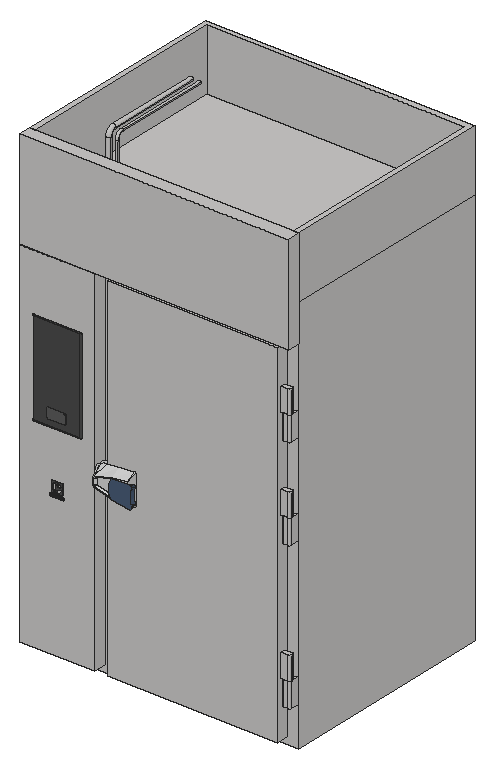
Revit family "QF_ELECTROLUXPROFESSIONAL_727761_EBFA22LRE", category Specialty Equipment, Revit 2018
Family settings
  Round Connector Dimension = Use Radius
  Part Type = Normal
  Work Plane-Based = No
  Always vertical = Yes
  Cut with Voids When Loaded = No
  Shared = Yes
  Room Calculation Point = No
Parameters
  Weight = 0.00 kg
  Watts = 0 W
  Volts = 380 V
  URL Manufacturer = "http://professional.electrolux.com"
  URL = "http://professional.electrolux.com"
  Steam Supply Size = 0"
  Steam Supply Minimum Pressure = 0.00 psi
  Steam Supply Maximum Pressure = 0.00 psi
  Steam Pounds per Hour = 0
  Show Logo [instance] = yes
  Refrigeration Suction Line Size = 0"
  Refrigeration Liquid Line Size = 0"
  Refrigerant Compressor Remote = yes
  Phase = 3
  Model = "EBFA22LRE"
  Manufacturer = "Electrolux"
  Length Actual = 1400 mm  # constant formula
  Item Number = "727761"
  Hot Water Size = 0"
  Height Actual = 2270 mm  # constant formula
  HP = "8.6 HP"
  Gas Size = 0"
  Gas KW = 0
  Gas Input Pressure = 0.0 Btu/h
  Direct Waste Size = 0"
  Description = "SKYLINE CHILLS BLAST CHILLER FREEZER 150/120KG 20 GN 2/1 - REMOTE REFRIGERATING UNIT"
  Depth Actual = 1266 mm  # constant formula
  Cycle = 60 Hz
  Condensate Return Size = 0"
  Compressed Air Volume = 0 GPM
  Compressed Air Size = 0"
  Compressed Air Pressure = 0.00 psi
  Cold Water Size = 0"
  Assembly Code = ""
  Show Clearance [instance] = yes
  Accessory = yes
Reference planes
  plane 1 "BACK": y = 1
  plane 2: z = 0
  plane 3 "LEFT": x = 0
  plane 4 "RIGHT": x = 1400
  plane 5 "FRONT": y = -1205
  plane 6 "TOP": z = 2400
  plane 7 "Center Y": x = 700
  plane 8: y = -2155
  plane 9: y = -602
Forms (mm)
  Extrusion 1, solid, material "QF_Clearance", visible <- "Show Clearance", detail levels coarse
    sketch origin (0, 0, -70) x (1, 0, 0) y (0, 1, 0)
      loop
        line (0, -1205) -> (0, 1) -> (1400, 1) -> (1400, -1205) -> (1500, -1205) -> (1500, 101) -> (-100, 101) -> (-100, -1205) -> (0, -1205)
    from 70 to 2670
  Extrusion 2, solid, material "QF_Finishes_Stainless Steel"
    sketch origin (349.253, 33, 630.991) x (-1, 0, 0) y (0, -1, 0)
      loop
        line (349.253, 1172.759) -> (349.253, 1238) -> (-39.747, 1238) -> (-39.747, 1172.759) -> (349.253, 1172.759)
    from -597 to 1254
  Extrusion 3, solid, material "QF_Finishes_Stainless Steel"
    sketch origin (596.16, 27.971, -70) x (1, 0, 0) y (0, 1, 0)
      loop
        line (743.84, -1172.971) -> (-141.16, -1172.971) -> (-141.16, -1232.971) -> (743.84, -1232.971) -> (743.84, -1172.971)
    from 103.991 to 1945.25
  Extrusion 4, solid, material "QF_Door-Drawer Clearances", visible <- "Show Clearance", detail levels coarse
    sketch origin (875, -72.029, -91.802) x (-1, 0, 0) y (0, -1, 0)
      loop
        line (-465, 2025.971) -> (-465, 1132.971) -> (420, 1132.971)
        arc (420, 1132.971) -> (153.836, 1754.227) -> (-465, 2025.971) r 920
    from 125.793 to 1967.052
  Extrusion 5, solid, material "QF_Finishes_Stainless Steel"
    sketch origin (0, -1139.759, 0) x (0, 1, 0) y (-1, 0, 0)
      loop
        line (1140.759, 0) -> (0.759, 0) -> (0.759, -1400) -> (1140.759, -1400) -> (1140.759, 0)
    from 0 to 2080
  Extrusion 6, solid, material "QF_Finishes_Stainless Steel"
    sketch origin (0, 0, -70) x (0, 1, 0) y (0, 0, 1)
      loop
        line (-1139, 2470) -> (-1205, 2470) -> (-1205, 1956) -> (-1139, 1956) -> (-1139, 2470)
    from 0 to 1400
  Extrusion 7, solid, material "QF_Finishes_Stainless Steel"
    sketch origin (0, -1139.759, 2080) x (0, 1, 0) y (-1, 0, 0)
      loop
        line (1140.759, 0) -> (0.759, 0) -> (0.759, -27.807) -> (1112.952, -27.807) -> (1112.952, -1372.193) -> (0.759, -1372.193) -> (0.759, -1400) -> (1140.759, -1400) -> (1140.759, 0)
    from 0 to 320
  Extrusion 8, solid, material "QF_Clearance", visible <- "Show Clearance", detail levels coarse
    sketch origin (0, 0, 2400) x (-1, 0, 0) y (0, -1, 0)
      loop
        line (0, 1205) -> (-1400, 1205) -> (-1400, -1) -> (0, -1) -> (0, 1205)
    from 0 to 200
  Extrusion 9, solid, material "QF_Finishes_Stainless Steel"
    sketch origin (-390.239, -0.977, 1172.559) x (1, 0, 0) y (0, 1, 0)
      loop
        line (1730.239, -1159.557) -> (1730.239, -1186.759) -> (1771.078, -1186.759)
        arc (1771.078, -1186.759) -> (1778.149, -1183.83) -> (1781.078, -1176.759) r 10
        line (1781.078, -1176.759) -> (1781.078, -1169.557)
        arc (1781.078, -1169.557) -> (1778.149, -1162.486) -> (1771.078, -1159.557) r 10
        line (1771.078, -1159.557) -> (1730.239, -1159.557)
    from 398 to 516
  Extrusion 10, solid, material "QF_Finishes_Stainless Steel"
    sketch origin (-388.989, -0.977, 1172.559) x (1, 0, 0) y (0, 1, 0)
      loop
        line (1779.828, -1138.023) -> (1738.215, -1138.023) -> (1738.215, -1176.759)
        arc (1738.215, -1176.759) -> (1741.143, -1183.83) -> (1748.215, -1186.759) r 10
        line (1748.215, -1186.759) -> (1769.828, -1186.759)
        arc (1769.828, -1186.759) -> (1776.899, -1183.83) -> (1779.828, -1176.759) r 10
        line (1779.828, -1176.759) -> (1779.828, -1138.023)
    from 269 to 396
  Extrusion 11, solid, material "QF_Finishes_Handrails and Railings"
    sketch origin (0, -1205, -139.705) x (-1, 0, 0) y (0, 0, 1)
      loop
        arc (-455, 1022.346) -> (-433.392, 1027.289) -> (-413, 1035.976) r 124.815
        arc (-413, 1035.976) -> (-402.037, 1046.425) -> (-398, 1061.023) r 28.412
        line (-398, 1061.023) -> (-398, 1124.287)
        arc (-398, 1124.287) -> (-402.037, 1138.885) -> (-413, 1149.334) r 28.412
        arc (-413, 1149.334) -> (-433.392, 1158.021) -> (-455, 1162.964) r 124.815
        line (-455, 1162.964) -> (-455, 1022.346)
    from 0 to 25
  Extrusion 12, solid, material "QF_Finishes_Stainless Steel"
    sketch origin (0, 1, -70) x (1, 0, 0) y (0, 0, 1)
      loop
        circle (50.191, 2279.706) r 10
    from -2 to 0
  Extrusion 13, solid
    sketch origin (0, 0, -70) x (1, 0, 0) y (0, 1, 0)
      loop
        circle (271, -895) r 12.7
    from 180 to 190
  Sweep 14, solid, material "QF_Finishes_Stainless Steel"
    path in 3D
      loop
        line (196, -872.727, 2090) -> (196, -872.727, 2314.785)
        arc (196, -872.727, 2314.785) -> (196, -863.94, 2335.999) -> (196, -842.727, 2344.785) r 30
        line (196, -842.727, 2344.785) -> (196, -337, 2344.785)
    profile origin (196, -589.864, 2344.785) x (-1, 0, 0) y (0, 0, 1)
      loop
        circle (0, -0.785) r 11
  Sweep 15, solid, material "QF_Finishes_Stainless Steel"
    path in 3D
      loop
        line (239, -337, 2344) -> (239, -842.727, 2344)
        arc (239, -842.727, 2344) -> (239, -863.94, 2335.213) -> (239, -872.727, 2314) r 30
        line (239, -872.727, 2314) -> (239, -872.727, 2090)
    profile origin (239, -589.864, 2344) x (1, 0, 0) y (0, 0, 1)
      loop
        circle (0, 0) r 6
  Extrusion 16, solid, material "QF_Finishes_Stainless Steel"
    sketch origin (0, -1139.759, 2080) x (0, 1, 0) y (-1, 0, 0)
      loop
        line (272.791, -163.68) -> (262.791, -163.68)
        arc (262.791, -163.68) -> (252.185, -168.074) -> (247.791, -178.68) r 15
        line (247.791, -178.68) -> (247.791, -270.358)
        arc (247.791, -270.358) -> (252.185, -280.965) -> (262.791, -285.358) r 15
        line (262.791, -285.358) -> (272.791, -285.358)
        arc (272.791, -285.358) -> (283.398, -280.965) -> (287.791, -270.358) r 15
        line (287.791, -270.358) -> (287.791, -178.68)
        arc (287.791, -178.68) -> (283.398, -168.074) -> (272.791, -163.68) r 15
    from 0 to 10
  Blend 17, solid, material "QF_Finishes_Handrails and Railings"
    base sketch origin (0, -1205, -139.705) x (1, 0, 0) y (0, 0, 1)
      loop
        arc (455, 1162.964) -> (433.392, 1158.021) -> (413, 1149.334) r 124.815
        arc (413, 1149.334) -> (402.037, 1138.885) -> (398, 1124.287) r 28.412
        line (398, 1124.287) -> (398, 1061.023)
        arc (398, 1061.023) -> (402.037, 1046.425) -> (413, 1035.976) r 28.412
        arc (413, 1035.976) -> (433.392, 1027.289) -> (455, 1022.346) r 124.815
        arc (455, 1022.346) -> (524.77, 1014.896) -> (594.859, 1011.587) r 1185.63
        arc (594.859, 1011.587) -> (600.607, 1013.879) -> (603, 1019.586) r 8
        line (603, 1019.586) -> (603, 1165.724)
        arc (603, 1165.724) -> (600.607, 1171.431) -> (594.859, 1173.723) r 8
        arc (594.859, 1173.723) -> (524.77, 1170.414) -> (455, 1162.964) r 1185.63
    top sketch origin (0, -1205, -139.705) x (1, 0, 0) y (0, 0, 1)
      loop
        line (421, 1108.337) -> (421, 1076.973)
        arc (421, 1076.973) -> (423.295, 1069.915) -> (429.302, 1065.557) r 12
        arc (429.302, 1065.557) -> (515.086, 1044.22) -> (603, 1034.974) r 636.459
        line (603, 1034.974) -> (603, 1150.336)
        arc (603, 1150.336) -> (515.086, 1141.09) -> (429.302, 1119.753) r 636.459
        arc (429.302, 1119.753) -> (423.295, 1115.395) -> (421, 1108.337) r 12
    from 0 to 50
  Blend 18, void
    base sketch origin (0, -1255, -139.705) x (-1, 0, 0) y (0, 0, 1)
      loop
        arc (-430.843, 1114.996) -> (-515.866, 1136.151) -> (-603, 1145.333) r 631.459
        line (-603, 1145.333) -> (-603, 1039.977)
        arc (-603, 1039.977) -> (-515.866, 1049.159) -> (-430.843, 1070.314) r 631.459
        arc (-430.843, 1070.314) -> (-427.339, 1072.856) -> (-426, 1076.973) r 7
        line (-426, 1076.973) -> (-426, 1108.337)
        arc (-426, 1108.337) -> (-427.339, 1112.454) -> (-430.843, 1114.996) r 7
    top sketch origin (0, -1255, -139.705) x (-1, 0, 0) y (0, 0, 1)
      loop
        arc (-432.384, 1110.24) -> (-516.647, 1131.211) -> (-603, 1140.33) r 626.459
        line (-603, 1140.33) -> (-603, 1044.98)
        arc (-603, 1044.98) -> (-516.647, 1054.099) -> (-432.384, 1075.07) r 626.459
        arc (-432.384, 1075.07) -> (-431.382, 1075.797) -> (-431, 1076.973) r 2
        line (-431, 1076.973) -> (-431, 1108.337)
        arc (-431, 1108.337) -> (-431.382, 1109.513) -> (-432.384, 1110.24) r 2
    from 0 to 10
  Blend 19, solid, material "QF_Finishes_Electrolux_Blue"
    base sketch origin (0, -1245, -139.705) x (1, 0, 0) y (0, 0, 1)
      loop
        arc (628.567, 1043.419) -> (622.014, 1092.655) -> (628.567, 1141.89) r 188.232
        arc (628.567, 1141.89) -> (627.358, 1147.991) -> (621.77, 1150.721) r 7
        arc (621.77, 1150.721) -> (572.304, 1148.509) -> (523.16, 1142.458) r 636.459
        arc (523.16, 1142.458) -> (507.711, 1092.655) -> (523.16, 1042.852) r 88
        arc (523.16, 1042.852) -> (572.304, 1036.801) -> (621.77, 1034.589) r 636.459
        arc (621.77, 1034.589) -> (627.358, 1037.319) -> (628.567, 1043.419) r 7
    top sketch origin (0, -1245, -139.705) x (1, 0, 0) y (0, 0, 1)
      loop
        arc (626.748, 1050.703) -> (622.014, 1092.655) -> (626.748, 1134.607) r 188.232
        arc (626.748, 1134.607) -> (625.775, 1138.85) -> (621.845, 1140.722) r 5
        arc (621.845, 1140.722) -> (569.023, 1138.185) -> (516.603, 1131.203) r 626.459
        arc (516.603, 1131.203) -> (507.711, 1092.655) -> (516.603, 1054.107) r 88
        arc (516.603, 1054.107) -> (569.023, 1047.124) -> (621.845, 1044.588) r 626.459
        arc (621.845, 1044.588) -> (625.775, 1046.46) -> (626.748, 1050.703) r 5
    from 20 to 0
  Extrusion 20, solid, material "QF_Finishes_Stainless Steel"
    sketch origin (-390.239, -0.977, 692.559) x (1, 0, 0) y (0, 1, 0)
      loop
        line (1730.239, -1159.557) -> (1730.239, -1186.759) -> (1771.078, -1186.759)
        arc (1771.078, -1186.759) -> (1778.149, -1183.83) -> (1781.078, -1176.759) r 10
        line (1781.078, -1176.759) -> (1781.078, -1169.557)
        arc (1781.078, -1169.557) -> (1778.149, -1162.486) -> (1771.078, -1159.557) r 10
        line (1771.078, -1159.557) -> (1730.239, -1159.557)
    from 398 to 516
  Extrusion 21, solid, material "QF_Finishes_Stainless Steel"
    sketch origin (-388.989, -0.977, 692.559) x (1, 0, 0) y (0, 1, 0)
      loop
        line (1779.828, -1138.023) -> (1738.215, -1138.023) -> (1738.215, -1176.759)
        arc (1738.215, -1176.759) -> (1741.143, -1183.83) -> (1748.215, -1186.759) r 10
        line (1748.215, -1186.759) -> (1769.828, -1186.759)
        arc (1769.828, -1186.759) -> (1776.899, -1183.83) -> (1779.828, -1176.759) r 10
        line (1779.828, -1176.759) -> (1779.828, -1138.023)
    from 269 to 396
  Extrusion 22, solid, material "QF_Finishes_Stainless Steel"
    sketch origin (-390.239, -0.977, -67.441) x (1, 0, 0) y (0, 1, 0)
      loop
        line (1730.239, -1159.557) -> (1730.239, -1186.759) -> (1771.078, -1186.759)
        arc (1771.078, -1186.759) -> (1778.149, -1183.83) -> (1781.078, -1176.759) r 10
        line (1781.078, -1176.759) -> (1781.078, -1169.557)
        arc (1781.078, -1169.557) -> (1778.149, -1162.486) -> (1771.078, -1159.557) r 10
        line (1771.078, -1159.557) -> (1730.239, -1159.557)
    from 398 to 516
  Extrusion 23, solid, material "QF_Finishes_Stainless Steel"
    sketch origin (-388.989, -0.977, -67.441) x (1, 0, 0) y (0, 1, 0)
      loop
        line (1779.828, -1138.023) -> (1738.215, -1138.023) -> (1738.215, -1176.759)
        arc (1738.215, -1176.759) -> (1741.143, -1183.83) -> (1748.215, -1186.759) r 10
        line (1748.215, -1186.759) -> (1769.828, -1186.759)
        arc (1769.828, -1186.759) -> (1776.899, -1183.83) -> (1779.828, -1176.759) r 10
        line (1779.828, -1176.759) -> (1779.828, -1138.023)
    from 269 to 396
  Extrusion 24, solid, material "QF_Door-Drawer Clearances", visible <- "Show Clearance", detail levels coarse
    sketch origin (167.029, -1956.84, -70) x (0, 1, 0) y (-1, 0, 0)
      loop
        line (751.84, -1172.971) -> (-141.16, -1172.971) -> (-141.16, -1232.971) -> (751.84, -1232.971) -> (751.84, -1172.971)
    from 103.991 to 1945.25
  Extrusion 25, solid, material "QF_Door-Drawer Clearances", visible <- "Show Clearance", detail levels coarse
    sketch origin (1400, -2553, -139.705) x (0, -1, 0) y (0, 0, 1)
      loop
        arc (-455, 1022.346) -> (-433.392, 1027.289) -> (-413, 1035.976) r 124.815
        arc (-413, 1035.976) -> (-402.037, 1046.425) -> (-398, 1061.023) r 28.412
        line (-398, 1061.023) -> (-398, 1124.287)
        arc (-398, 1124.287) -> (-402.037, 1138.885) -> (-413, 1149.334) r 28.412
        arc (-413, 1149.334) -> (-433.392, 1158.021) -> (-455, 1162.964) r 124.815
        line (-455, 1162.964) -> (-455, 1022.346)
    from 0 to 25
  Blend 26, solid, material "QF_Door-Drawer Clearances", visible <- "Show Clearance", detail levels coarse
    base sketch origin (1400, -2553, -139.705) x (0, 1, 0) y (0, 0, 1)
      loop
        arc (455, 1162.964) -> (433.392, 1158.021) -> (413, 1149.334) r 124.815
        arc (413, 1149.334) -> (402.037, 1138.885) -> (398, 1124.287) r 28.412
        line (398, 1124.287) -> (398, 1061.023)
        arc (398, 1061.023) -> (402.037, 1046.425) -> (413, 1035.976) r 28.412
        arc (413, 1035.976) -> (433.392, 1027.289) -> (455, 1022.346) r 124.815
        arc (455, 1022.346) -> (524.77, 1014.896) -> (594.859, 1011.587) r 1185.63
        arc (594.859, 1011.587) -> (600.607, 1013.879) -> (603, 1019.586) r 8
        line (603, 1019.586) -> (603, 1165.724)
        arc (603, 1165.724) -> (600.607, 1171.431) -> (594.859, 1173.723) r 8
        arc (594.859, 1173.723) -> (524.77, 1170.414) -> (455, 1162.964) r 1185.63
    top sketch origin (1400, -2553, -139.705) x (0, 1, 0) y (0, 0, 1)
      loop
        line (421, 1108.337) -> (421, 1076.973)
        arc (421, 1076.973) -> (423.295, 1069.915) -> (429.302, 1065.557) r 12
        arc (429.302, 1065.557) -> (515.086, 1044.22) -> (603, 1034.974) r 636.459
        line (603, 1034.974) -> (603, 1150.336)
        arc (603, 1150.336) -> (515.086, 1141.09) -> (429.302, 1119.753) r 636.459
        arc (429.302, 1119.753) -> (423.295, 1115.395) -> (421, 1108.337) r 12
    from 0 to 50
  Blend 27, void
    base sketch origin (1450, -2553, -139.705) x (0, -1, 0) y (0, 0, 1)
      loop
        arc (-430.843, 1114.996) -> (-515.866, 1136.151) -> (-603, 1145.333) r 631.459
        line (-603, 1145.333) -> (-603, 1039.977)
        arc (-603, 1039.977) -> (-515.866, 1049.159) -> (-430.843, 1070.314) r 631.459
        arc (-430.843, 1070.314) -> (-427.339, 1072.856) -> (-426, 1076.973) r 7
        line (-426, 1076.973) -> (-426, 1108.337)
        arc (-426, 1108.337) -> (-427.339, 1112.454) -> (-430.843, 1114.996) r 7
    top sketch origin (1450, -2553, -139.705) x (0, -1, 0) y (0, 0, 1)
      loop
        arc (-432.384, 1110.24) -> (-516.647, 1131.211) -> (-603, 1140.33) r 626.459
        line (-603, 1140.33) -> (-603, 1044.98)
        arc (-603, 1044.98) -> (-516.647, 1054.099) -> (-432.384, 1075.07) r 626.459
        arc (-432.384, 1075.07) -> (-431.382, 1075.797) -> (-431, 1076.973) r 2
        line (-431, 1076.973) -> (-431, 1108.337)
        arc (-431, 1108.337) -> (-431.382, 1109.513) -> (-432.384, 1110.24) r 2
    from 0 to 10
  Blend 28, solid, material "QF_Door-Drawer Clearances", visible <- "Show Clearance", detail levels coarse
    base sketch origin (1440, -2553, -139.705) x (0, 1, 0) y (0, 0, 1)
      loop
        arc (628.567, 1043.419) -> (622.014, 1092.655) -> (628.567, 1141.89) r 188.232
        arc (628.567, 1141.89) -> (627.358, 1147.991) -> (621.77, 1150.721) r 7
        arc (621.77, 1150.721) -> (572.304, 1148.509) -> (523.16, 1142.458) r 636.459
        arc (523.16, 1142.458) -> (507.711, 1092.655) -> (523.16, 1042.852) r 88
        arc (523.16, 1042.852) -> (572.304, 1036.801) -> (621.77, 1034.589) r 636.459
        arc (621.77, 1034.589) -> (627.358, 1037.319) -> (628.567, 1043.419) r 7
    top sketch origin (1440, -2553, -139.705) x (0, 1, 0) y (0, 0, 1)
      loop
        arc (626.748, 1050.703) -> (622.014, 1092.655) -> (626.748, 1134.607) r 188.232
        arc (626.748, 1134.607) -> (625.775, 1138.85) -> (621.845, 1140.722) r 5
        arc (621.845, 1140.722) -> (569.023, 1138.185) -> (516.603, 1131.203) r 626.459
        arc (516.603, 1131.203) -> (507.711, 1092.655) -> (516.603, 1054.107) r 88
        arc (516.603, 1054.107) -> (569.023, 1047.124) -> (621.845, 1044.588) r 626.459
        arc (621.845, 1044.588) -> (625.775, 1046.46) -> (626.748, 1050.703) r 5
    from 20 to -1
Cuts and joins
  Blend 18 cuts Blend 17
  joined: Extrusion 11, Blend 17
  Blend 18 cuts Extrusion 4
  Blend 27 cuts Blend 26
  Blend 27 cuts Blend 28
  joined: Extrusion 4, Extrusion 24, Extrusion 25, Blend 26, Blend 28
  joined: Extrusion 7, Extrusion 12
  joined: Extrusion 5, Extrusion 10, Sweep 14, Sweep 15, Extrusion 16, Extrusion 21, Extrusion 23
  joined: Extrusion 3, Extrusion 9, Extrusion 20, Extrusion 22
  joined: Extrusion 1, Extrusion 8
Lines and regions (mm)
  symbolic lines, style "QF-Clearances", visible <- "Show Clearance", detail levels coarse
    curve 1: line (-100, -1204.241, 70) -> (-100, 101, 70)
    curve 2: line (-100, 101, 70) -> (1500, 101, 70)
    curve 3: line (1500, 101, 70) -> (1500, -1204.241, 70)
  symbolic lines
    curve 4: line (185, -336.968, 70) -> (207, -336.968, 70)
    curve 5: line (207, -336.968, 70) -> (207, -871.942, 70)
    curve 6: line (233, -872.727, 70) -> (233, -337, 70)
    curve 7: line (233, -337, 70) -> (245, -337, 70)
    curve 8: line (245, -337, 70) -> (245, -872.727, 70)
    curve 9: line (245, -851.968, 70) -> (270.358, -851.968, 70)
    curve 10: arc (285.358, -866.968, 70) -> (280.965, -856.361, 70) -> (270.358, -851.968, 70) r 15
    curve 11: line (285.358, -876.968, 70) -> (285.358, -866.968, 70)
    curve 12: arc (270.358, -891.968, 70) -> (280.965, -887.575, 70) -> (285.358, -876.968, 70) r 15
    curve 13: line (178.68, -891.968, 70) -> (270.358, -891.968, 70)
    curve 14: arc (163.68, -876.968, 70) -> (168.074, -887.575, 70) -> (178.68, -891.968, 70) r 15
    curve 15: line (163.68, -866.968, 70) -> (163.68, -876.968, 70)
    curve 16: arc (178.68, -851.968, 70) -> (168.074, -856.361, 70) -> (163.68, -866.968, 70) r 15
    curve 17: arc (207, -871.942, 70) -> (196, -882.942, 70) -> (185, -871.942, 70) r 11
    curve 18: arc (233, -872.727, 70) -> (239, -878.727, 70) -> (245, -872.727, 70) r 6
    curve 19: line (178.68, -851.968, 70) -> (185, -851.968, 70)
    curve 20: line (185, -336.968, 70) -> (185, -871.942, 70)
    curve 21: line (207, -851.968, 70) -> (233, -851.968, 70)
    curve 22: line (0, 1, 70) -> (1400, 1, 70)
    curve 23: line (0, -1205, 70) -> (0, 1, 70)
    curve 24: line (1400, -1205, 70) -> (0, -1205, 70)
    curve 25: line (1400, 1, 70) -> (1400, -1205, 70)
    curve 26: line (27.807, -26.807, 70) -> (1372.193, -26.807, 70)
    curve 27: line (27.807, -1139, 70) -> (27.807, -26.807, 70)
    curve 28: line (1400, -1139, 70) -> (0, -1139, 70)
    curve 29: line (1372.193, -26.807, 70) -> (1372.193, -1139, 70)
    curve 30: line (75.5, -1210, 70) -> (313.5, -1210, 70)
    curve 31: line (75.5, -1210, 70) -> (67.5, -1205, 70)
    curve 32: line (313.5, -1210, 70) -> (321.5, -1205, 70)
    curve 33: line (421, -1255, 70) -> (398, -1205, 70)
    curve 34: line (421, -1255, 70) -> (603, -1255, 70)
    curve 35: line (603, -1255, 70) -> (603, -1205, 70)
    curve 36: line (603, -1245, 70) -> (626.748, -1245, 70)
    curve 37: line (626.748, -1245, 70) -> (628.811, -1265, 70)
    curve 38: line (628.811, -1265, 70) -> (507.711, -1265, 70)
    curve 39: line (507.711, -1265, 70) -> (507.711, -1255, 70)
  symbolic lines, style "QF_Door-Drawer Clearances", visible <- "Show Clearance"
    curve 40: line (1450, -2132, 70) -> (1400, -2155, 70)
    curve 41: line (1450, -2132, 70) -> (1450, -1950, 70)
    curve 42: line (1450, -1950, 70) -> (1400, -1950, 70)
    curve 43: line (1439, -1950, 70) -> (1439, -1926.126, 70)
    curve 44: line (1439, -1926.126, 70) -> (1460, -1924.189, 70)
    curve 45: line (1460, -1924.189, 70) -> (1460, -2045.289, 70)
    curve 46: line (1460, -2045.289, 70) -> (1450, -2045.289, 70)
    curve 47: line (1375, -2098, 70) -> (1375, -2155, 70)
    curve 48: line (1340, -2098, 70) -> (1400, -2098, 70)
    curve 49: arc (457.796, -1255, 70) -> (739.031, -1843.801, 70) -> (1340, -2098, 70) r 920
    curve 50: line (1400, -2155, 70) -> (1375, -2155, 70)
    curve 51: line (1400, -2098, 70) -> (1400, -1205, 70)
    curve 58: line (1340, -2098, 70) -> (1340, -1205, 70)
  sketch lines
    curve 52: line (196, -842.727, 2344.785) -> (196, -337, 2344.785)
    curve 53: arc (196, -872.727, 2314.785) -> (196, -863.94, 2335.999) -> (196, -842.727, 2344.785) r 30
    curve 54: line (196, -872.727, 2090) -> (196, -872.727, 2314.785)
    curve 55: line (239, -337, 2344) -> (239, -842.727, 2344)
    curve 56: arc (239, -842.727, 2344) -> (239, -863.94, 2335.213) -> (239, -872.727, 2314) r 30
    curve 57: line (239, -872.727, 2314) -> (239, -872.727, 2090)
Dimensions and locks
  plane 5 "FRONT" to plane 1 "BACK" = 1206 mm
  plane 6 "TOP" to level = 2400 mm
  plane 4 "RIGHT" to plane 3 "LEFT" = 1400 mm
  plane 3 "LEFT" to plane 4 "RIGHT" = 1400 mm
  equal spacing: plane 3 "LEFT", plane 7 "Center Y", plane 4 "RIGHT"
  plane 1 "BACK" to plane 5 "FRONT" = 1206 mm
  aligned and locked: level to plane 2
Automatic sketch dimensions
  plane 5 "FRONT" to Extrusion 1 sketch curve = 0 mm  (x2)
  Extrusion 1 sketch curve to plane 3 "LEFT" = 0 mm
  plane 1 "BACK" to Extrusion 1 sketch curve = 0 mm
  Extrusion 1 sketch curve to plane 4 "RIGHT" = 0 mm
  Extrusion 1 sketch curve to plane 3 "LEFT" = 100 mm
  plane 4 "RIGHT" to Extrusion 1 sketch curve = 100 mm
  Extrusion 1 sketch curve to plane 1 "BACK" = 100 mm
  plane 5 "FRONT" to Extrusion 2 sketch curve = 0 mm
  Extrusion 2 sketch curve to plane 3 "LEFT" = 0 mm
  Extrusion 2 sketch curve to plane 5 "FRONT" = 65.241 mm
  plane 5 "FRONT" to Extrusion 3 sketch curve = 0 mm
  Extrusion 3 sketch curve to plane 5 "FRONT" = 60 mm
  Extrusion 3 sketch curve to plane 4 "RIGHT" = 60 mm
  plane 5 "FRONT" to Extrusion 4 sketch curve = 0 mm
  Extrusion 4 sketch curve to plane 4 "RIGHT" = 25.377 mm
  Extrusion 4 sketch curve to Extrusion 4 sketch curve = 34.623 mm
  Extrusion 4 sketch curve to plane 5 "FRONT" = 26.348 mm
  Extrusion 5 sketch curve to plane 3 "LEFT" = 0 mm
  Extrusion 5 sketch curve to plane 4 "RIGHT" = 0 mm
  plane 1 "BACK" to Extrusion 5 sketch curve = 0 mm
  Extrusion 5 sketch curve to plane 5 "FRONT" = 66 mm
  Extrusion 6 sketch curve to plane 5 "FRONT" = 0 mm
  Extrusion 6 sketch curve to plane 5 "FRONT" = 66 mm
  Extrusion 6 sketch curve to plane 6 "TOP" = 514 mm
  plane 6 "TOP" to Extrusion 6 sketch curve = 0 mm
  Extrusion 5 to Extrusion 7 sketch curve = 0 mm
  Extrusion 7 sketch curve to Extrusion 5 = 0 mm  (x4)
  Extrusion 7 sketch curve to Extrusion 5 = 27.807 mm  (x3)
  Extrusion 8 sketch curve to plane 4 "RIGHT" = 0 mm
  plane 1 "BACK" to Extrusion 8 sketch curve = 0 mm
  Extrusion 8 sketch curve to plane 3 "LEFT" = 0 mm
  plane 5 "FRONT" to Extrusion 8 sketch curve = 0 mm
  Extrusion 9 sketch curve to plane 5 "FRONT" = 17.264 mm
  Extrusion 9 sketch curve to plane 4 "RIGHT" = 60 mm
  Extrusion 9 sketch curve to plane 4 "RIGHT" = 19.161 mm
  Extrusion 9 sketch curve to Extrusion 9 sketch curve = 0 mm
  Extrusion 9 sketch curve to plane 4 "RIGHT" = 9.161 mm
  Extrusion 9 sketch curve to Extrusion 9 sketch curve = 7.202 mm
  Extrusion 10 sketch curve to plane 5 "FRONT" = 27.264 mm
  Extrusion 10 sketch curve to plane 4 "RIGHT" = 50.775 mm
  Extrusion 10 sketch curve to Extrusion 10 sketch curve = 10 mm
  Extrusion 10 sketch curve to plane 4 "RIGHT" = 19.161 mm
  Extrusion 10 sketch curve to plane 4 "RIGHT" = 9.161 mm
  Extrusion 10 sketch curve to Extrusion 10 sketch curve = 38.736 mm
  plane 7 "Center Y" to Extrusion 11 sketch curve = 228.081 mm
  Extrusion 11 sketch curve to Extrusion 11 sketch curve = 0 mm
  Extrusion 11 sketch curve to Extrusion 11 sketch curve = 16.919 mm
  Extrusion 11 sketch curve to Extrusion 11 sketch curve = 28.588 mm  (x2)
  Extrusion 11 sketch curve to Extrusion 11 sketch curve = 28.412 mm
  level to Extrusion 11 sketch curve = 882.641 mm
  Extrusion 11 sketch curve to Extrusion 11 sketch curve = 16.954 mm  (x2)
  Extrusion 11 sketch curve to Extrusion 11 sketch curve = 38.676 mm
  Extrusion 11 sketch curve to Extrusion 11 sketch curve = 63.265 mm
  Extrusion 11 sketch curve to Extrusion 11 sketch curve = 21.722 mm
  plane 3 "LEFT" to Extrusion 12 sketch curve = 50.191 mm
  Extrusion 12 sketch curve to plane 6 "TOP" = 190.294 mm
  Extrusion 13 sketch curve to plane 9 = 293 mm
  Sweep 14 sketch curve to profile plane = 0 mm
  Sweep 14 sketch curve to profile plane = 0.785 mm
  profile plane to Sweep 15 sketch curve = 0 mm
  Sweep 15 sketch curve to profile plane = 0 mm
  Extrusion 16 sketch curve to Extrusion 5 = 247.032 mm
  Extrusion 16 sketch curve to Extrusion 16 sketch curve = 15 mm  (x3)
  Extrusion 16 sketch curve to Extrusion 16 sketch curve = 10 mm  (x2)
  Extrusion 16 sketch curve to Extrusion 5 = 285.358 mm
  Extrusion 16 sketch curve to Extrusion 16 sketch curve = 91.678 mm
  Blend 17 sketch curve to Extrusion 11 = 0 mm  (x4)
  Blend 17 sketch curve to Extrusion 11 = 28.412 mm
  Blend 17 sketch curve to Blend 17 sketch curve = 123.081 mm  (x2)
  Blend 17 sketch curve to Blend 17 sketch curve = 8 mm
  Extrusion 11 to Blend 17 sketch curve = 160.712 mm  (x2)
  Blend 17 sketch curve to Blend 17 sketch curve = 19.715 mm  (x2)
  Blend 17 sketch curve to Blend 17 sketch curve = 38.676 mm
  Blend 17 sketch curve to Extrusion 11 = 23 mm
  Blend 17 sketch curve to Blend 17 sketch curve = 12 mm  (x2)
  Extrusion 11 to Blend 17 sketch curve = 148 mm
  Extrusion 11 to Blend 17 sketch curve = 170.45 mm  (x2)
  Blend 17 sketch curve to Blend 17 sketch curve = 520.701 mm  (x2)
  Blend 17 sketch curve to Blend 17 sketch curve = 41.999 mm
  Blend 17 sketch curve to Blend 17 sketch curve = 31.364 mm
  Blend 17 sketch curve to Blend 17 sketch curve = 115.362 mm
  Blend 17 to Blend 18 sketch curve = 0 mm  (x2)
  Blend 18 sketch curve to Blend 18 sketch curve = 7 mm
  Blend 18 sketch curve to Blend 18 sketch curve = 31.364 mm  (x2)
  Blend 18 sketch curve to Blend 18 sketch curve = 2 mm
  Blend 18 to Blend 19 sketch curve = 18.811 mm  (x2)
  Blend 19 sketch curve to Blend 18 = 7.289 mm  (x2)
  Blend 19 sketch curve to Blend 19 sketch curve = 188.435 mm
  Blend 19 sketch curve to Blend 19 sketch curve = 7 mm  (x2)
  Blend 19 sketch curve to Blend 19 sketch curve = 51.066 mm  (x2)
  Blend 19 sketch curve to Blend 19 sketch curve = 0 mm  (x6)
  Blend 19 sketch curve to Blend 18 = 79.84 mm
  Blend 18 to Blend 19 sketch curve = 18.874 mm  (x2)
  Blend 19 sketch curve to Blend 19 sketch curve = 188.371 mm
  Blend 19 sketch curve to Blend 19 sketch curve = 5 mm  (x2)
  Blend 19 sketch curve to Blend 19 sketch curve = 43.067 mm  (x2)
  Blend 19 sketch curve to Blend 18 = 85.603 mm
  Extrusion 20 sketch curve to plane 5 "FRONT" = 17.264 mm
  Extrusion 20 sketch curve to plane 4 "RIGHT" = 60 mm
  Extrusion 20 sketch curve to plane 4 "RIGHT" = 19.161 mm
  Extrusion 20 sketch curve to Extrusion 20 sketch curve = 0 mm
  Extrusion 20 sketch curve to plane 4 "RIGHT" = 9.161 mm
  Extrusion 20 sketch curve to Extrusion 20 sketch curve = 7.202 mm
  Extrusion 21 sketch curve to plane 5 "FRONT" = 27.264 mm
  Extrusion 21 sketch curve to plane 4 "RIGHT" = 50.775 mm
  Extrusion 21 sketch curve to Extrusion 21 sketch curve = 10 mm
  Extrusion 21 sketch curve to plane 4 "RIGHT" = 19.161 mm
  Extrusion 21 sketch curve to plane 4 "RIGHT" = 9.161 mm
  Extrusion 21 sketch curve to Extrusion 21 sketch curve = 38.736 mm
  Extrusion 22 sketch curve to plane 5 "FRONT" = 17.264 mm
  Extrusion 22 sketch curve to plane 4 "RIGHT" = 60 mm
  Extrusion 22 sketch curve to plane 4 "RIGHT" = 19.161 mm
  Extrusion 22 sketch curve to Extrusion 22 sketch curve = 0 mm
  Extrusion 22 sketch curve to plane 4 "RIGHT" = 9.161 mm
  Extrusion 22 sketch curve to Extrusion 22 sketch curve = 7.202 mm
  Extrusion 23 sketch curve to plane 5 "FRONT" = 27.264 mm
  Extrusion 23 sketch curve to plane 4 "RIGHT" = 50.775 mm
  Extrusion 23 sketch curve to Extrusion 23 sketch curve = 10 mm
  Extrusion 23 sketch curve to plane 4 "RIGHT" = 19.161 mm
  Extrusion 23 sketch curve to plane 4 "RIGHT" = 9.161 mm
  Extrusion 23 sketch curve to Extrusion 23 sketch curve = 38.736 mm
  Extrusion 24 sketch curve to plane 4 "RIGHT" = 0 mm
  plane 5 "FRONT" to Extrusion 24 sketch curve = 0 mm
  Extrusion 24 sketch curve to plane 8 = 57 mm
  Extrusion 24 sketch curve to plane 4 "RIGHT" = 60 mm
  Extrusion 25 sketch curve to plane 8 = 0 mm
  Extrusion 25 sketch curve to Extrusion 25 sketch curve = 28.412 mm  (x2)
  Extrusion 25 sketch curve to Extrusion 25 sketch curve = 28.588 mm
  Extrusion 25 sketch curve to Extrusion 25 sketch curve = 16.919 mm  (x2)
  level to Extrusion 25 sketch curve = 882.641 mm
  Extrusion 25 sketch curve to Extrusion 25 sketch curve = 16.954 mm  (x2)
  Extrusion 25 sketch curve to Extrusion 25 sketch curve = 38.676 mm
  Extrusion 25 sketch curve to Extrusion 25 sketch curve = 63.265 mm
  Extrusion 25 sketch curve to Extrusion 25 sketch curve = 21.722 mm
  Blend 26 sketch curve to Extrusion 25 = 0 mm  (x4)
  Blend 26 sketch curve to Extrusion 25 = 28.412 mm
  Blend 26 sketch curve to Blend 26 sketch curve = 123.081 mm  (x2)
  Blend 26 sketch curve to Blend 26 sketch curve = 8 mm
  Extrusion 25 to Blend 26 sketch curve = 160.712 mm  (x2)
  Blend 26 sketch curve to Blend 26 sketch curve = 19.715 mm  (x2)
  Blend 26 sketch curve to Blend 26 sketch curve = 38.676 mm
  Blend 26 sketch curve to Extrusion 25 = 23 mm
  Blend 26 sketch curve to Blend 26 sketch curve = 12 mm  (x2)
  Extrusion 25 to Blend 26 sketch curve = 148 mm
  Extrusion 25 to Blend 26 sketch curve = 170.45 mm  (x2)
  Blend 26 sketch curve to Blend 26 sketch curve = 520.701 mm  (x2)
  Blend 26 sketch curve to Blend 26 sketch curve = 41.999 mm
  Blend 26 sketch curve to Blend 26 sketch curve = 31.364 mm
  Blend 26 sketch curve to Blend 26 sketch curve = 115.362 mm
  Blend 27 sketch curve to Blend 26 = 0 mm  (x2)
  Blend 27 sketch curve to Blend 27 sketch curve = 7 mm
  Blend 27 sketch curve to Blend 27 sketch curve = 31.364 mm  (x2)
  Blend 27 sketch curve to Blend 27 sketch curve = 2 mm
  Blend 27 to Blend 28 sketch curve = 18.811 mm  (x2)
  Blend 28 sketch curve to Blend 27 = 7.289 mm  (x2)
  Blend 28 sketch curve to Blend 28 sketch curve = 188.435 mm
  Blend 28 sketch curve to Blend 28 sketch curve = 7 mm  (x2)
  Blend 28 sketch curve to Blend 28 sketch curve = 51.066 mm  (x2)
  Blend 28 sketch curve to Blend 28 sketch curve = 0 mm  (x6)
  Blend 28 sketch curve to Blend 27 = 79.84 mm
  Blend 27 to Blend 28 sketch curve = 18.874 mm  (x2)
  Blend 28 sketch curve to Blend 28 sketch curve = 188.371 mm
  Blend 28 sketch curve to Blend 28 sketch curve = 5 mm  (x2)
  Blend 28 sketch curve to Blend 28 sketch curve = 43.067 mm  (x2)
  Blend 28 sketch curve to Blend 27 = 85.603 mm
  plane 7 "Center Y" to Extrusion 2 sketch curve = 311 mm
  plane 7 "Center Y" to Extrusion 3 sketch curve = 245 mm
  plane 7 "Center Y" to Extrusion 4 sketch curve = 245 mm
  plane 3 "LEFT" to Extrusion 13 sketch curve = 271 mm
  plane 8 to curve 47 = 0 mm
  curve 42 to plane 4 "RIGHT" = 0 mm
  plane 5 "FRONT" to curve 33 = 0 mm
  curve 28 to plane 3 "LEFT" = 0 mm
  plane 1 "BACK" to curve 22 = 0 mm
  curve 50 to plane 4 "RIGHT" = 0 mm
  curve 41 to plane 8 = 23 mm
  curve 48 to plane 8 = 57 mm
  curve 48 to curve 46 = 52.711 mm
  curve 46 to curve 41 = 95.289 mm
  plane 4 "RIGHT" to curve 44 = 39 mm
  curve 43 to curve 44 = 23.874 mm
  curve 43 to curve 45 = 1.937 mm
  plane 5 "FRONT" to curve 37 = 60 mm
  plane 5 "FRONT" to curve 34 = 50 mm
  curve 37 to curve 37 = 20 mm
  plane 5 "FRONT" to curve 30 = 5 mm
  curve 49 to plane 5 "FRONT" = 26.348 mm
  plane 3 "LEFT" to curve 13 = 178.68 mm
  curve 13 to plane 9 = 289.968 mm
  curve 13 to curve 14 = 15 mm
  curve 12 to curve 11 = 15 mm
  curve 12 to curve 18 = 4.241 mm
  curve 14 to curve 17 = 5.026 mm
  curve 14 to curve 15 = 10 mm
  curve 12 to curve 11 = 10 mm
  curve 10 to curve 9 = 15 mm
  curve 16 to curve 19 = 15 mm
  plane 9 to curve 7 = 265 mm
  curve 6 to curve 5 = 0.032 mm
  plane 1 "BACK" to curve 26 = 27.807 mm
  curve 2 to plane 1 "BACK" = 100 mm
  curve 42 to curve 43 = 11 mm
  curve 45 to curve 43 = 21 mm
  plane 4 "RIGHT" to curve 2 = 100 mm
  curve 40 to curve 47 = 25 mm
  curve 49 to plane 4 "RIGHT" = 25.377 mm
  curve 29 to plane 4 "RIGHT" = 27.807 mm
  curve 47 to curve 48 = 35 mm
  plane 7 "Center Y" to curve 37 = 71.189 mm
  curve 37 to curve 36 = 2.062 mm
  curve 36 to curve 34 = 23.748 mm
  curve 39 to curve 49 = 49.915 mm
  curve 49 to curve 33 = 36.796 mm
  curve 33 to curve 30 = 107.5 mm
  curve 11 to curve 16 = 106.678 mm
  curve 12 to curve 8 = 25.358 mm
  curve 8 to curve 18 = 6 mm
  curve 6 to curve 4 = 26 mm
  curve 5 to curve 17 = 11 mm
  plane 3 "LEFT" to curve 30 = 75.5 mm
  plane 3 "LEFT" to curve 27 = 27.807 mm
  curve 1 to plane 3 "LEFT" = 100 mm
  curve 3 to plane 5 "FRONT" = 0.759 mm
  curve 1 to plane 5 "FRONT" = 0.759 mm
  curve 49 to curve 29 = 39.652 mm
  curve 17 to curve 21 = 19.974 mm
  curve 33 to curve 33 = 23 mm
  curve 32 to curve 30 = 8 mm
  curve 30 to curve 31 = 8 mm
  radius of Extrusion 12 sketch curve = 10 mm
  radius of Extrusion 13 sketch curve = 12.7 mm
  radius of Sweep 14 sketch curve = 11 mm
  radius of Sweep 15 sketch curve = 6 mm
  radius of Blend 17 sketch curve to Extrusion 11 = 0 mm  (x3)
  radius of Blend 18 sketch curve to Blend 17 = 5 mm  (x3)
  radius of Blend 18 sketch curve to Blend 17 = 10 mm  (x3)
  radius of Blend 18 to Blend 19 sketch curve = 10 mm  (x2)
  radius of Blend 19 sketch curve to Blend 18 = 0 mm  (x2)
  radius of Blend 26 sketch curve to Extrusion 25 = 0 mm  (x3)
  radius of Blend 27 sketch curve to Blend 26 = 5 mm  (x3)
  radius of Blend 27 sketch curve to Blend 26 = 10 mm  (x3)
  radius of Blend 27 to Blend 28 sketch curve = 10 mm  (x2)
  radius of Blend 28 sketch curve to Blend 27 = 0 mm  (x2)
Nested families
  nested 1: "ELX_Touch" at (194.5, -1205, 1338.103) x (1, 0, 0) z (0, -1, 0), type "ELX_Touch"
  nested 2: "ELX_Logo_S_New" at (194.5, -1205, 779.103) x (1, 0, 0) z (0, -1, 0), visible <- "Show Logo", type "ELX_Logo_S_New"
    with M QF_Finishes_Black
  nested 3: "ELX_Logo_Symbol" at (194.5, -1205, 819.103) x (1, 0, 0) z (0, -1, 0), visible <- "Show Logo", type "ELX_Logo_Symbol"
    with M QF_Finishes_Black
Connectors
  piping at (271, -895, 110), diameter 25.4
    settings: on Extrusion 13, index 5, connector inside diameter 24", connector length 0 mm, flow factor 0, pipe flow 0 GPM, pressure drop 0.00 psi, fitting loss kfactor 0, connector angle 0.00°, fixture units 0, engagement length 0 mm, angle of deflection 0.00°, flow configuration 1, flow direction 2, fitting loss method 0, system type 16, joint type 0, gender type 0, connector reference index -1, connector utility 0, adjustable connector no, is connector primary yes, connector description "Drain"
  electrical at (50.191, 3, 2209.706), driven by "Volts"
    settings: on Extrusion 12, index 6, voltage 380 V, apparent load 0 VA, apparent load phase1 0 VA, apparent load phase2 0 VA, apparent load phase3 0 VA, power factor 1, load classification "Altro", number of poles 1, system type 30, power factor state 1, is connector primary yes, connector utility no, sub classification motor no, connector description "Electrical Connection"
  piping at (239, -337, 2344), diameter 12
    settings: on Sweep 15, index 7, connector inside diameter 24", connector length 0 mm, flow factor 0, pipe flow 0 GPM, pressure drop 0.00 psi, fitting loss kfactor 0, connector angle 0.00°, fixture units 0, engagement length 0 mm, angle of deflection 0.00°, flow configuration 1, flow direction 1, fitting loss method 0, system type 8, joint type 0, gender type 0, connector reference index -1, connector utility 0, adjustable connector no, is connector primary no, connector description "Refrigerant Outlet"
  piping at (196, -337, 2344), diameter 22
    settings: on Sweep 14, index 8, connector inside diameter 24", connector length 0 mm, flow factor 0, pipe flow 0 GPM, pressure drop 0.00 psi, fitting loss kfactor 0, connector angle 0.00°, fixture units 0, engagement length 0 mm, angle of deflection 0.00°, flow configuration 1, flow direction 1, fitting loss method 0, system type 7, joint type 0, gender type 0, connector reference index -1, connector utility 0, adjustable connector no, is connector primary no, connector description "Refrigerant Inlet"
Definition of nested family "ELX_Touch"
  Parameters
    Default Elevation = 1219.2 mm
  Reference planes
    plane 1 "Centro (Fronte/Retro)": y = 0
    plane 2: z = 0
    plane 3 "Centro (Sinistra/Destra)": x = 0
  Forms (mm)
    Extrusion 1, solid
      sketch origin (0, 0, 0) x (1, 0, 0) y (0, 1, 0)
        loop
          line (-1219.2, 1219.2) -> (-1219.2, -1219.2) -> (1219.2, -1219.2) -> (1219.2, 1219.2) -> (-1219.2, 1219.2)
      from 0 to -304.8
    Extrusion 2, solid
      sketch origin (0, 0, 5) x (1, 0, 0) y (0, 1, 0)
        loop
          line (-47, -160) -> (-47, -202)
          arc (-47, -202) -> (-45.536, -205.535) -> (-42, -207) r 5
          line (-42, -207) -> (42, -207)
          arc (42, -207) -> (45.536, -205.535) -> (47, -202) r 5
          line (47, -202) -> (47, -160)
          arc (47, -160) -> (45.536, -156.465) -> (42, -155) r 5
          line (42, -155) -> (-42, -155)
          arc (-42, -155) -> (-45.536, -156.465) -> (-47, -160) r 5
      from 0 to 2
    Blend 3, solid
      base sketch origin (0, 0, 0) x (1, 0, 0) y (0, 1, 0)
        loop
          line (-127, 244) -> (-127, -244)
          arc (-127, -244) -> (-125.536, -247.536) -> (-122, -249) r 5
          line (-122, -249) -> (122, -249)
          arc (122, -249) -> (125.536, -247.536) -> (127, -244) r 5
          line (127, -244) -> (127, 244)
          arc (127, 244) -> (125.536, 247.536) -> (122, 249) r 5
          line (122, 249) -> (-122, 249)
          arc (-122, 249) -> (-125.536, 247.536) -> (-127, 244) r 5
      top sketch origin (0, 0, 0) x (1, 0, 0) y (0, 1, 0)
        loop
          line (-119, -241) -> (119, -241) -> (119, 241) -> (-119, 241) -> (-119, -241)
      from 0 to 5
  Lines and regions (mm)
    Split face 1
      outline origin (0, 0, 5) x (1, 0, 0) y (0, 1, 0)
        loop
          line (-70.506, 46.167) -> (70.506, 46.167) -> (70.506, 214.829) -> (-70.506, 214.829) -> (-70.506, 46.167)
    Split face 2
      outline origin (0, 0, 5) x (1, 0, 0) y (0, 1, 0)
        loop
          line (-47.467, 50.825) -> (47.467, 50.825) -> (47.467, 210.171) -> (-47.467, 210.171) -> (-47.467, 50.825)
    Split face 3
      outline origin (0, 0, 5) x (1, 0, 0) y (0, 1, 0)
        loop
          line (-70.521, -215.33) -> (70.521, -215.33) -> (70.521, -146.67) -> (-70.521, -146.67) -> (-70.521, -215.33)
    Split face 4
      outline origin (0, 0, 5) x (1, 0, 0) y (0, 1, 0)
        loop
          line (-119, 201.163) -> (-70.506, 201.163)
        loop
          line (70.506, 201.163) -> (119, 201.163)
        loop
          line (70.521, -200.849) -> (119, -200.849)
        loop
          line (-119, -200.849) -> (-70.521, -200.849)
  Dimensions and locks
    aligned and locked: plane 2 to Extrusion 1
    aligned and locked: level to Extrusion 1
Definition of nested family "ELX_Logo_S_New"
  Parameters
    Default Elevation = 0 mm
    M [instance] = none
  Reference planes
    plane 1 "Centro (Fronte/Retro)": y = 0
    plane 2: z = 0
    plane 3 "Centro (Sinistra/Destra)": x = 0
  Forms (mm)
    Extrusion 1, solid
      sketch origin (0, 0, 0) x (1, 0, 0) y (0, 1, 0)
        loop
          line (-1219.2, 1219.2) -> (-1219.2, -1219.2) -> (1219.2, -1219.2) -> (1219.2, 1219.2) -> (-1219.2, 1219.2)
      from 0 to -304.8
    Extrusion 2, solid, material <- "M"
      sketch origin (0, 0, 0) x (1, 0, 0) y (0, 1, 0)
        loop
          spline (-32.537, -4.135) -> (-32.702, -4.128) -> (-32.877, -4.105) -> (-33.059, -4.064) -> (-33.242, -4.002) -> (-33.422, -3.916) -> (-33.593, -3.803) -> (-33.751, -3.66) -> (-33.891, -3.486) -> (-34.008, -3.276) -> (-34.098, -3.029) -> (-34.155, -2.741) -> (-34.176, -2.41)
          line (-34.176, -2.41) -> (-34.176, -0.943) -> (-29.331, -0.943) -> (-29.331, 0.928) -> (-34.176, 0.928) -> (-34.176, 3.652) -> (-29.023, 3.652) -> (-29.023, 5.518) -> (-36.159, 5.518) -> (-36.159, -2.326)
          spline (-36.159, -2.326) -> (-36.142, -2.808) -> (-36.088, -3.263) -> (-35.996, -3.688) -> (-35.867, -4.083) -> (-35.698, -4.445) -> (-35.489, -4.773) -> (-35.239, -5.066) -> (-34.946, -5.322) -> (-34.61, -5.539) -> (-34.23, -5.716) -> (-33.804, -5.851) -> (-33.332, -5.943)
          line (-33.332, -5.943) -> (-32.554, -5.999) -> (-28.885, -5.999) -> (-28.885, -4.135) -> (-32.537, -4.135)
        loop
          line (-27.476, 0.076) -> (-27.476, -6.002) -> (-25.492, -6.002) -> (-25.492, 5.521) -> (-27.476, 5.521) -> (-27.476, 0.076)
        loop
          spline (-15.702, -2.321) -> (-15.689, -1.697) -> (-15.749, -1.094) -> (-15.879, -0.516) -> (-16.078, 0.029) -> (-16.341, 0.538) -> (-16.668, 1.004) -> (-17.055, 1.422) -> (-17.5, 1.786) -> (-17.999, 2.091) -> (-18.552, 2.331) -> (-19.154, 2.5) -> (-19.804, 2.594)
          spline (-19.804, 2.594) -> (-20.422, 2.558) -> (-21.009, 2.453) -> (-21.56, 2.28) -> (-22.072, 2.042) -> (-22.54, 1.743) -> (-22.96, 1.385) -> (-23.327, 0.97) -> (-23.638, 0.502) -> (-23.887, -0.018) -> (-24.07, -0.586) -> (-24.183, -1.2) -> (-24.222, -1.857)
          spline (-24.222, -1.857) -> (-24.184, -2.498) -> (-24.074, -3.097) -> (-23.895, -3.652) -> (-23.651, -4.16) -> (-23.344, -4.618) -> (-22.979, -5.023) -> (-22.559, -5.374) -> (-22.087, -5.667) -> (-21.567, -5.899) -> (-21.003, -6.068) -> (-20.397, -6.172) -> (-19.754, -6.207)
          spline (-19.754, -6.207) -> (-19.44, -6.2) -> (-19.13, -6.176) -> (-18.823, -6.135) -> (-18.52, -6.074) -> (-18.221, -5.993) -> (-17.925, -5.89) -> (-17.634, -5.762) -> (-17.346, -5.609) -> (-17.062, -5.43) -> (-16.782, -5.221) -> (-16.506, -4.983) -> (-16.234, -4.713)
          line (-16.234, -4.713) -> (-17.429, -3.55)
          spline (-17.429, -3.55) -> (-17.587, -3.702) -> (-17.745, -3.841) -> (-17.906, -3.967) -> (-18.07, -4.08) -> (-18.239, -4.181) -> (-18.415, -4.268) -> (-18.599, -4.343) -> (-18.792, -4.404) -> (-18.996, -4.452) -> (-19.213, -4.486) -> (-19.443, -4.506) -> (-19.688, -4.513)
          spline (-19.688, -4.513) -> (-20.047, -4.496) -> (-20.383, -4.443) -> (-20.696, -4.358) -> (-20.984, -4.24) -> (-21.246, -4.092) -> (-21.479, -3.915) -> (-21.683, -3.711) -> (-21.856, -3.48) -> (-21.997, -3.224) -> (-22.104, -2.945) -> (-22.176, -2.643) -> (-22.212, -2.321)
          line (-22.212, -2.321) -> (-15.702, -2.321)
        loop
          spline (-17.695, -0.926) -> (-17.714, -0.681) -> (-17.771, -0.445) -> (-17.861, -0.221) -> (-17.984, -0.01) -> (-18.135, 0.184) -> (-18.314, 0.36) -> (-18.516, 0.516) -> (-18.741, 0.648) -> (-18.984, 0.755) -> (-19.244, 0.834) -> (-19.518, 0.883) -> (-19.804, 0.9)
          spline (-19.804, 0.9) -> (-20.11, 0.884) -> (-20.405, 0.835) -> (-20.686, 0.757) -> (-20.95, 0.652) -> (-21.195, 0.521) -> (-21.419, 0.367) -> (-21.618, 0.192) -> (-21.79, -0.003) -> (-21.934, -0.214) -> (-22.045, -0.439) -> (-22.122, -0.678) -> (-22.162, -0.926)
          line (-22.162, -0.926) -> (-17.695, -0.926)
        loop
          spline (-12.669, -1.807) -> (-12.646, -1.438) -> (-12.58, -1.088) -> (-12.472, -0.759) -> (-12.326, -0.455) -> (-12.145, -0.177) -> (-11.93, 0.072) -> (-11.685, 0.289) -> (-11.412, 0.473) -> (-11.114, 0.62) -> (-10.793, 0.728) -> (-10.453, 0.794) -> (-10.095, 0.817)
          spline (-10.095, 0.817) -> (-9.876, 0.81) -> (-9.665, 0.79) -> (-9.464, 0.756) -> (-9.271, 0.709) -> (-9.086, 0.65) -> (-8.908, 0.578) -> (-8.737, 0.495) -> (-8.572, 0.399) -> (-8.414, 0.292) -> (-8.261, 0.173) -> (-8.113, 0.044) -> (-7.969, -0.096)
          line (-7.969, -0.096) -> (-6.741, 1.183)
          spline (-6.741, 1.183) -> (-6.985, 1.427) -> (-7.237, 1.647) -> (-7.496, 1.843) -> (-7.762, 2.015) -> (-8.034, 2.164) -> (-8.312, 2.291) -> (-8.596, 2.397) -> (-8.886, 2.482) -> (-9.181, 2.546) -> (-9.481, 2.592) -> (-9.786, 2.619) -> (-10.095, 2.627)
          spline (-10.095, 2.627) -> (-10.715, 2.589) -> (-11.308, 2.476) -> (-11.871, 2.294) -> (-12.396, 2.046) -> (-12.88, 1.736) -> (-13.316, 1.369) -> (-13.7, 0.949) -> (-14.026, 0.48) -> (-14.289, -0.035) -> (-14.483, -0.59) -> (-14.604, -1.182) -> (-14.645, -1.807)
          spline (-14.645, -1.807) -> (-14.604, -2.431) -> (-14.483, -3.023) -> (-14.289, -3.578) -> (-14.026, -4.093) -> (-13.7, -4.562) -> (-13.316, -4.983) -> (-12.88, -5.35) -> (-12.396, -5.659) -> (-11.871, -5.907) -> (-11.308, -6.09) -> (-10.715, -6.202) -> (-10.095, -6.24)
          spline (-10.095, -6.24) -> (-9.786, -6.232) -> (-9.481, -6.205) -> (-9.181, -6.16) -> (-8.886, -6.095) -> (-8.596, -6.01) -> (-8.312, -5.904) -> (-8.034, -5.777) -> (-7.762, -5.628) -> (-7.496, -5.456) -> (-7.237, -5.26) -> (-6.985, -5.04) -> (-6.741, -4.796)
          line (-6.741, -4.796) -> (-7.969, -3.517)
          spline (-7.969, -3.517) -> (-8.113, -3.657) -> (-8.261, -3.786) -> (-8.414, -3.905) -> (-8.572, -4.012) -> (-8.737, -4.108) -> (-8.908, -4.192) -> (-9.086, -4.263) -> (-9.271, -4.323) -> (-9.464, -4.369) -> (-9.665, -4.403) -> (-9.876, -4.423) -> (-10.095, -4.43)
          spline (-10.095, -4.43) -> (-10.453, -4.408) -> (-10.793, -4.341) -> (-11.114, -4.233) -> (-11.412, -4.086) -> (-11.685, -3.902) -> (-11.93, -3.685) -> (-12.145, -3.436) -> (-12.326, -3.158) -> (-12.472, -2.854) -> (-12.58, -2.526) -> (-12.646, -2.176) -> (-12.669, -1.807)
        loop
          spline (-1.683, -4.138) -> (-1.858, -4.14) -> (-2.045, -4.127) -> (-2.24, -4.095) -> (-2.438, -4.04) -> (-2.633, -3.959) -> (-2.822, -3.85) -> (-2.998, -3.709) -> (-3.157, -3.533) -> (-3.294, -3.318) -> (-3.404, -3.061) -> (-3.483, -2.76) -> (-3.524, -2.411)
          line (-3.524, -2.411) -> (-3.524, 0.529) -> (-1.72, 0.529) -> (-1.72, 2.331) -> (-3.522, 2.331) -> (-3.522, 5.521) -> (-5.506, 5.521) -> (-5.506, -2.523)
          spline (-5.506, -2.523) -> (-5.463, -2.99) -> (-5.386, -3.429) -> (-5.274, -3.839) -> (-5.126, -4.218) -> (-4.941, -4.564) -> (-4.717, -4.877) -> (-4.455, -5.155) -> (-4.153, -5.396) -> (-3.81, -5.599) -> (-3.425, -5.762) -> (-2.998, -5.884) -> (-2.528, -5.964)
          line (-2.528, -5.964) -> (-1.69, -6.002) -> (-1.683, -4.138)
        loop
          spline (4.991, 2.446) -> (4.648, 2.468) -> (4.318, 2.461) -> (4.001, 2.429) -> (3.699, 2.371) -> (3.413, 2.288) -> (3.142, 2.182) -> (2.89, 2.052) -> (2.655, 1.901) -> (2.439, 1.728) -> (2.244, 1.535) -> (2.069, 1.322) -> (1.917, 1.091)
          line (1.917, 1.091) -> (1.917, 2.33) -> (-0.051, 2.33) -> (-0.051, -6.002) -> (1.917, -6.002) -> (1.917, -1.621)
          spline (1.917, -1.621) -> (1.935, -1.288) -> (1.988, -0.979) -> (2.075, -0.693) -> (2.195, -0.432) -> (2.345, -0.197) -> (2.526, 0.01) -> (2.736, 0.189) -> (2.972, 0.338) -> (3.235, 0.456) -> (3.522, 0.541) -> (3.832, 0.594) -> (4.165, 0.611)
          line (4.165, 0.611) -> (4.991, 0.529) -> (4.991, 2.446)
        loop
          spline (14.388, -1.836) -> (14.347, -1.224) -> (14.226, -0.642) -> (14.031, -0.093) -> (13.768, 0.418) -> (13.441, 0.887) -> (13.057, 1.308) -> (12.621, 1.677) -> (12.137, 1.989) -> (11.612, 2.24) -> (11.051, 2.425) -> (10.459, 2.539) -> (9.842, 2.578)
          spline (9.842, 2.578) -> (9.221, 2.539) -> (8.627, 2.425) -> (8.064, 2.24) -> (7.539, 1.989) -> (7.056, 1.677) -> (6.62, 1.308) -> (6.237, 0.887) -> (5.912, 0.418) -> (5.65, -0.093) -> (5.456, -0.642) -> (5.336, -1.224) -> (5.295, -1.836)
          spline (5.295, -1.836) -> (5.336, -2.447) -> (5.456, -3.029) -> (5.65, -3.578) -> (5.912, -4.089) -> (6.237, -4.558) -> (6.62, -4.979) -> (7.056, -5.348) -> (7.539, -5.66) -> (8.064, -5.911) -> (8.627, -6.096) -> (9.221, -6.211) -> (9.842, -6.25)
          spline (9.842, -6.25) -> (10.459, -6.211) -> (11.051, -6.096) -> (11.612, -5.911) -> (12.137, -5.66) -> (12.621, -5.348) -> (13.057, -4.979) -> (13.441, -4.558) -> (13.768, -4.089) -> (14.031, -3.578) -> (14.226, -3.029) -> (14.347, -2.447) -> (14.388, -1.836)
        loop
          spline (12.42, -1.836) -> (12.397, -1.475) -> (12.33, -1.131) -> (12.222, -0.807) -> (12.075, -0.504) -> (11.893, -0.227) -> (11.677, 0.022) -> (11.431, 0.241) -> (11.157, 0.426) -> (10.859, 0.575) -> (10.538, 0.685) -> (10.198, 0.753) -> (9.842, 0.777)
          spline (9.842, 0.777) -> (9.482, 0.753) -> (9.14, 0.685) -> (8.818, 0.575) -> (8.519, 0.426) -> (8.246, 0.241) -> (8.001, 0.022) -> (7.786, -0.227) -> (7.605, -0.504) -> (7.459, -0.807) -> (7.352, -1.131) -> (7.286, -1.475) -> (7.263, -1.836)
          spline (7.263, -1.836) -> (7.286, -2.196) -> (7.352, -2.54) -> (7.459, -2.865) -> (7.605, -3.167) -> (7.786, -3.444) -> (8.001, -3.694) -> (8.246, -3.912) -> (8.519, -4.098) -> (8.818, -4.247) -> (9.14, -4.357) -> (9.482, -4.425) -> (9.842, -4.448)
          spline (9.842, -4.448) -> (10.198, -4.425) -> (10.538, -4.357) -> (10.859, -4.247) -> (11.157, -4.098) -> (11.431, -3.912) -> (11.677, -3.694) -> (11.893, -3.444) -> (12.075, -3.167) -> (12.222, -2.865) -> (12.33, -2.54) -> (12.397, -2.196) -> (12.42, -1.836)
        loop
          line (15.608, 0.275) -> (15.608, -6.002) -> (17.593, -6.002) -> (17.593, 5.521) -> (15.608, 5.521) -> (15.608, 0.275)
        loop
          line (24.747, 2.33) -> (24.747, -2.513)
          spline (24.747, -2.513) -> (24.731, -2.828) -> (24.685, -3.112) -> (24.61, -3.366) -> (24.507, -3.59) -> (24.38, -3.785) -> (24.229, -3.952) -> (24.056, -4.091) -> (23.863, -4.203) -> (23.652, -4.29) -> (23.425, -4.35) -> (23.183, -4.386) -> (22.928, -4.398)
          spline (22.928, -4.398) -> (22.674, -4.386) -> (22.432, -4.35) -> (22.205, -4.29) -> (21.994, -4.204) -> (21.802, -4.092) -> (21.629, -3.954) -> (21.478, -3.788) -> (21.35, -3.595) -> (21.248, -3.373) -> (21.173, -3.122) -> (21.126, -2.841) -> (21.11, -2.53)
          line (21.11, -2.53) -> (21.11, 2.33) -> (19.11, 2.33) -> (19.11, -2.696)
          spline (19.11, -2.696) -> (19.145, -3.265) -> (19.248, -3.783) -> (19.413, -4.25) -> (19.636, -4.667) -> (19.912, -5.033) -> (20.236, -5.349) -> (20.603, -5.616) -> (21.008, -5.833) -> (21.446, -6.001) -> (21.913, -6.121) -> (22.403, -6.193) -> (22.912, -6.217)
          spline (22.912, -6.217) -> (23.425, -6.193) -> (23.92, -6.12) -> (24.39, -5.998) -> (24.832, -5.828) -> (25.241, -5.607) -> (25.611, -5.337) -> (25.937, -5.016) -> (26.216, -4.645) -> (26.441, -4.222) -> (26.608, -3.749) -> (26.711, -3.223) -> (26.747, -2.646)
          line (26.747, -2.646) -> (26.747, 2.33) -> (24.747, 2.33)
        loop
          line (34.253, -3.337) -> (33.002, -1.588) -> (34.551, 0.523) -> (35.878, 2.33) -> (33.713, 2.33) -> (31.91, -0.166) -> (30.092, 2.33) -> (27.943, 2.33) -> (29.175, 0.645) -> (30.82, -1.604) -> (29.096, -4.004) -> (27.662, -6.002) -> (29.794, -6.002) -> (31.91, -3.059) -> (34.027, -6.002) -> (36.159, -6.002) -> (34.253, -3.337)
      from 0 to 1.644
  Dimensions and locks
    aligned and locked: plane 2 to Extrusion 1
    aligned and locked: level to Extrusion 1
Definition of nested family "ELX_Logo_Symbol"
  Parameters
    Default Elevation = 0 mm
    M [instance] = none
  Reference planes
    plane 1 "Centro (Fronte/Retro)": y = 0
    plane 2: z = 0
    plane 3 "Centro (Sinistra/Destra)": x = 0
  Forms (mm)
    Extrusion 1, solid
      sketch origin (0, 0, 0) x (1, 0, 0) y (0, 1, 0)
        loop
          line (-1219.2, 1219.2) -> (-1219.2, -1219.2) -> (1219.2, -1219.2) -> (1219.2, 1219.2) -> (-1219.2, 1219.2)
      from 0 to -304.8
    Extrusion 2, solid, material <- "M"
      sketch origin (94.462, 558.781, 0) x (1, 0, 0) y (0, 1, 0)
        loop
          line (-101.645, -583.129) -> (-101.645, -534.543)
          arc (-101.645, -534.543) -> (-119.606, -558.836) -> (-101.645, -583.129) r 25.41
        loop
          arc (-99.174, -583.129) -> (-78.968, -578.537) -> (-69.233, -560.244) r 24.902
          line (-69.233, -560.244) -> (-77.271, -560.244)
          arc (-77.271, -560.244) -> (-91.631, -566.073) -> (-99.174, -579.611) r 23.341
          line (-99.174, -579.611) -> (-99.174, -583.129)
        loop
          arc (-99.174, -538.061) -> (-91.631, -551.599) -> (-77.271, -557.427) r 23.341
          line (-77.271, -557.427) -> (-69.233, -557.427)
          arc (-69.233, -557.427) -> (-78.952, -538.984) -> (-99.174, -533.918) r 25.553
          line (-99.174, -533.918) -> (-99.174, -538.061)
        loop
          line (-67.388, -585.781) -> (-67.388, -531.781) -> (-121.462, -531.781) -> (-121.462, -585.781) -> (-67.388, -585.781)
      from 0 to 1.644
  Dimensions and locks
    aligned and locked: plane 2 to Extrusion 1
    aligned and locked: level to Extrusion 1
